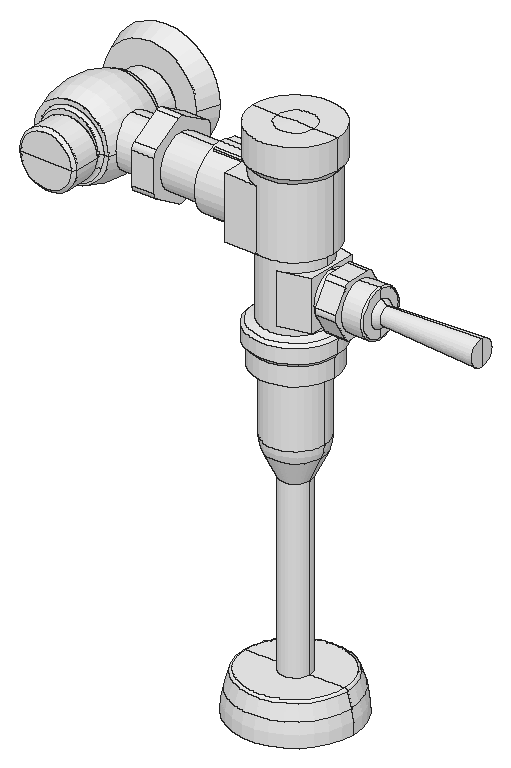
Revit family
Parameters (values of type "6045.013.002")
  Waste Connection = no
  WFU = 0
  Vent Connection = no
  URL = "http://www.americanstandard-us.com/"
  Type Comments = ""
  Revised Date = "14/12/2011"
  Product URL = "http://www.americanstandard-us.com/products/productDetail.aspx?id=4476"
  Phone # = "416-250-5656"
  Model = "6045.013.002"
  Material = Chrome Plated
  Manufacturer = "American Standard"
  Keynote = ""
  HWFU = 0
  HW Connection = no
  Designed By = "ATS BIM Team"
  Description = "Flush Valve, C.P. high efficiency, 0.5 LPF (0.125 GPF) factory set flow, self-cleaning brass piston with integral wiper spring prevents clogging, non-hold handle, positive seal, cloramine-resistant EPDM seals, high pressure vacuum breaker"
  Cost = 0
  CWFU = 0
  CW Connection = yes
  Assembly Code = "D2030400"
Reference planes (in)
  plane 1: y = 0
  plane 2: z = 0
  plane 3: x = 0
  plane 4: y = 11.66552
  plane 5: x = -5.14629
Forms (in)
  Revolve 1, solid, material "Chrome Plated" <- "Material"
    sketch origin (0, 9.42098, -0.07412) x (-1, 0, 0) y (0, 0, 1)
      loop
        line (0, 0) -> (1.50577, 0)
        arc (1.50577, 0) -> (1.49945, 0.29162) -> (1.445, 0.57819) r 1.75769
        line (1.445, 0.57819) -> (1.33094, 0.92922)
        arc (1.33094, 0.92922) -> (1.30662, 0.96527) -> (1.2669, 0.98296) r 0.07888
        line (1.2669, 0.98296) -> (0.37401, 0.98296) -> (0.37401, 5.43922) -> (0.68219, 6.07107)
        arc (0.68219, 6.07107) -> (0.73141, 6.22565) -> (0.74805, 6.38702) r 0.79077
        line (0.74805, 6.38702) -> (0.74805, 8.02362) -> (0, 8.02362) -> (0, 0)
      axis (0, 0) -> (0, 8.02362)
    angle from 0 to 360
  Revolve 2, solid, material "Chrome Plated" <- "Material"
    sketch origin (0, 9.42098, -0.07412) x (-1, 0, 0) y (0, 0, 1)
      loop
        line (0, 8.02362) -> (1.00391, 8.02362) -> (1.00391, 8.49728) -> (1.09953, 8.59291) -> (1.09953, 8.95028) -> (1.02226, 9.02756)
        arc (1.02226, 9.02756) -> (0.91906, 9.05261) -> (0.82145, 9.09444) r 0.63729
        line (0.82145, 9.09444) -> (0.82145, 10.85693) -> (0, 10.85693) -> (0, 8.02362)
      axis (0, 8.02362) -> (0, 10.85693)
    angle from 0 to 360
  Revolve 3, solid, material "Chrome Plated" <- "Material"
    sketch origin (0, 9.42098, -0.07412) x (-1, 0, 0) y (0, 0, 1)
      loop
        line (0, 13.57527) -> (0, 10.85693) -> (0.97283, 10.85693) -> (0.97283, 12.66717)
        arc (0.97283, 12.66717) -> (1.02399, 12.74293) -> (1.08292, 12.81282) r 0.85918
        line (1.08292, 12.81282) -> (1.08292, 13.55512) -> (0.46629, 13.55512)
        arc (0.46629, 13.55512) -> (0.23337, 13.57037) -> (0, 13.57527) r 5.25547
      axis (0, 10.85693) -> (0, 13.57527)
    angle from 0 to 360
  Revolve 4, solid, material "Chrome Plated" <- "Material"
    sketch origin (0, 9.42098, -0.07412) x (-1, 0, 0) y (0, 0, 1)
      loop
        line (-0.93307, 9.91339) -> (-0.93307, 10.50395) -> (-2.14914, 10.50395)
        arc (-2.14914, 10.50395) -> (-2.1741, 10.49564) -> (-2.18898, 10.47393) r 0.04129
        line (-2.18898, 10.47393) -> (-2.18898, 10.24225)
        arc (-2.18898, 10.24225) -> (-2.26995, 10.19561) -> (-2.3371, 10.13063) r 0.38013
        line (-2.3371, 10.13063) -> (-4.77165, 10.22945) -> (-4.77165, 9.91339) -> (-0.93307, 9.91339)
      axis (-0.93307, 9.91339) -> (-4.77165, 9.91339)
    angle from 0 to 360
  Extrusion 5, solid, material "Chrome Plated" <- "Material"
    sketch origin (0, 1.6649, 11.83241) x (0, 1, 0) y (-1, 0, 0)
      loop
        line (8.4057, -0.93307) -> (8.56538, -0.16916)
        arc (8.56538, -0.16916) -> (7.7561, -0.7315) -> (6.94682, -0.16916) r 0.8635
        line (6.94682, -0.16916) -> (7.10649, -0.93307) -> (7.7561, -0.93307) -> (8.4057, -0.93307)
    from -2.62306 to -1.36322
  Revolve 6, solid, material "Chrome Plated" <- "Material"
    sketch origin (0, 9.42098, -0.12099) x (-1, 0, 0) y (0, 0, 1)
      loop
        line (0.96366, 11.66552) -> (3.11019, 11.66552) -> (3.11019, 12.32328) -> (1.92913, 12.32328) -> (1.92913, 12.47589) -> (0.96366, 12.47589) -> (0.96366, 11.66552)
      axis (0.96366, 11.66552) -> (3.11019, 11.66552)
    angle from 0 to 360
  Revolve 7, solid, material "Chrome Plated" <- "Material"
    sketch origin (0, 9.42098, -0.07412) x (-1, 0, 0) y (0, 0, 1)
      loop
        line (3.4252, 12.31102) -> (3.4252, 11.66552) -> (4.31102, 11.66552) -> (4.31102, 12.31102) -> (3.4252, 12.31102)
      axis (3.4252, 11.66552) -> (4.31102, 11.66552)
    angle from 0 to 360
  Extrusion 8, solid, material "Chrome Plated" <- "Material"
    sketch origin (0, 17.21386, 15.24714) x (-1, 0, 0) y (0, -1, 0)
      loop
        line (0, 8.72854) -> (0, 6.78366) -> (1.0748, 6.78366) -> (1.0748, 7.29095)
        arc (1.0748, 7.29095) -> (1.08487, 7.35779) -> (1.11417, 7.41871) r 0.22698
        line (1.11417, 7.41871) -> (1.85202, 7.41871) -> (1.91312, 7.64672) -> (1.91312, 7.86957) -> (1.85039, 8.10141) -> (1.11417, 8.10141)
        arc (1.11417, 8.10141) -> (1.0849, 8.15818) -> (1.0748, 8.22125) r 0.20208
        line (1.0748, 8.22125) -> (1.0748, 8.72854) -> (0, 8.72854)
    from -4.49314 to -2.91834
  Revolve 9, solid, material "Chrome Plated" <- "Material"
    sketch origin (0, 1.66873, 11.57531) x (0, 1, 0) y (-1, 0, 0)
      loop
        line (6.8728, 5.09952) -> (8.72848, 5.09952) -> (8.72848, 5.94336)
        arc (8.72848, 5.94336) -> (8.64744, 5.99616) -> (8.55079, 5.99992) r 0.18179
        line (8.55079, 5.99992) -> (8.55079, 6.05027)
        arc (8.55079, 6.05027) -> (7.7499, 6.2134) -> (6.94901, 6.05027) r 2.04757
        line (6.94901, 6.05027) -> (6.94901, 5.92573)
        arc (6.94901, 5.92573) -> (6.92669, 5.87184) -> (6.8728, 5.84952) r 0.07621
        line (6.8728, 5.84952) -> (6.8728, 5.09952)
      axis (6.8728, 5.09952) -> (8.72848, 5.09952)
    angle from 0 to 360
  Revolve 10, solid, material "Chrome Plated" <- "Material"
    sketch origin (0, 1.66867, 11.47112) x (0, 1, 0) y (-1, 0, 0)
      loop
        line (6.94901, 5.11811) -> (6.16161, 5.11811) -> (6.16161, 4.4685) -> (6.23927, 4.39084) -> (6.8693, 4.39084)
        arc (6.8693, 4.39084) -> (6.92566, 4.36749) -> (6.94901, 4.31113) r 0.07971
        line (6.94901, 4.31113) -> (6.94901, 5.11811)
      axis (6.94901, 5.11811) -> (6.16161, 5.11811)
    angle from 0 to 360
  Revolve 11, solid, material "Chrome Plated" <- "Material"
    sketch origin (0, 17.31532, 11.47112) x (0, 1, 0) y (-1, 0, 0)
      loop
        line (-6.94901, 5.11811) -> (-6.94901, 4.31113)
        arc (-6.94901, 4.31113) -> (-6.92566, 4.36749) -> (-6.8693, 4.39084) r 0.07971
        line (-6.8693, 4.39084) -> (-6.23927, 4.39084) -> (-6.16161, 4.4685) -> (-6.16161, 5.11811) -> (-6.94901, 5.11811)
      axis (-6.94901, 5.11811) -> (-6.16161, 5.11811)
    angle from 0 to 360
  Extrusion 12, solid, material "Chrome Plated" <- "Material"
    sketch origin (-1.85528, 9.12127, 13.46381) x (0, -1, 0) y (0, 0, -1)
      loop
        line (-0.71375, 4.21726) -> (-1.01175, 3.70112)
        arc (-1.01175, 3.70112) -> (-1.03226, 3.62455) -> (-1.01175, 3.54797) r 0.15315
        line (-1.01175, 3.54797) -> (-0.71375, 3.03183)
        arc (-0.71375, 3.03183) -> (-0.6577, 2.97577) -> (-0.58112, 2.95525) r 0.15315
        line (-0.58112, 2.95525) -> (0.01487, 2.95525)
        arc (0.01487, 2.95525) -> (0.09144, 2.97577) -> (0.1475, 3.03183) r 0.15315
        line (0.1475, 3.03183) -> (0.44549, 3.54797)
        arc (0.44549, 3.54797) -> (0.46601, 3.62455) -> (0.44549, 3.70112) r 0.15315
        line (0.44549, 3.70112) -> (0.1475, 4.21726)
        arc (0.1475, 4.21726) -> (0.09144, 4.27332) -> (0.01487, 4.29384) r 0.15315
        line (0.01487, 4.29384) -> (-0.58112, 4.29384)
        arc (-0.58112, 4.29384) -> (-0.6577, 4.27332) -> (-0.71375, 4.21726) r 0.15315
    from 2.98127 to 3.49308
  Extrusion 13, solid, material "Chrome Plated" <- "Material"
    sketch origin (-1.85528, 9.1842, 13.46381) x (0, -1, 0) y (0, 0, -1)
      loop
        line (-0.37048, 2.88438) -> (-1.0816, 2.47381)
        arc (-1.0816, 2.47381) -> (-1.13404, 2.40322) -> (-1.16895, 2.32251) r 0.38188
        line (-1.16895, 2.32251) -> (-1.16895, 1.50138)
        arc (-1.16895, 1.50138) -> (-1.14555, 1.41403) -> (-1.0816, 1.35008) r 0.17471
        line (-1.0816, 1.35008) -> (-0.37048, 0.93952)
        arc (-0.37048, 0.93952) -> (-0.28313, 0.91611) -> (-0.19577, 0.93952) r 0.17471
        line (-0.19577, 0.93952) -> (0.51535, 1.35008)
        arc (0.51535, 1.35008) -> (0.57929, 1.41403) -> (0.6027, 1.50138) r 0.17471
        line (0.6027, 1.50138) -> (0.6027, 2.32251)
        arc (0.6027, 2.32251) -> (0.57929, 2.40987) -> (0.51535, 2.47381) r 0.17471
        line (0.51535, 2.47381) -> (-0.19577, 2.88438)
        arc (-0.19577, 2.88438) -> (-0.28313, 2.90778) -> (-0.37048, 2.88438) r 0.17471
    from -1.6644 to -1.09354
  Blend 14, solid, material "Chrome Plated" <- "Material"
    base sketch origin (-10.2644, 11.66552, 23.20872) x (1, 0, 0) y (0, 0, 1)
      loop
        circle (5.14629, -11.64712) r 1.37795
    top sketch origin (-10.2644, 11.66552, 23.20872) x (1, 0, 0) y (0, 0, 1)
      loop
        circle (5.14629, -11.64712) r 1.20547
    from 0 to 0.51181
  Extrusion 15, solid, material "Chrome Plated" <- "Material"
    sketch origin (0, 11.77419, 23.8358) x (1, 0, 0) y (0, 0, 1)
      loop
        circle (-5.14629, -12.27419) r 0.5
    from -0.2035 to 0.10867
Cuts and joins
  joined: Revolve 4, Extrusion 5, Extrusion 12
  joined: Revolve 1, Revolve 2, Revolve 3, Revolve 6, Revolve 7, Extrusion 8, Extrusion 13
  joined: Revolve 11, Blend 14
